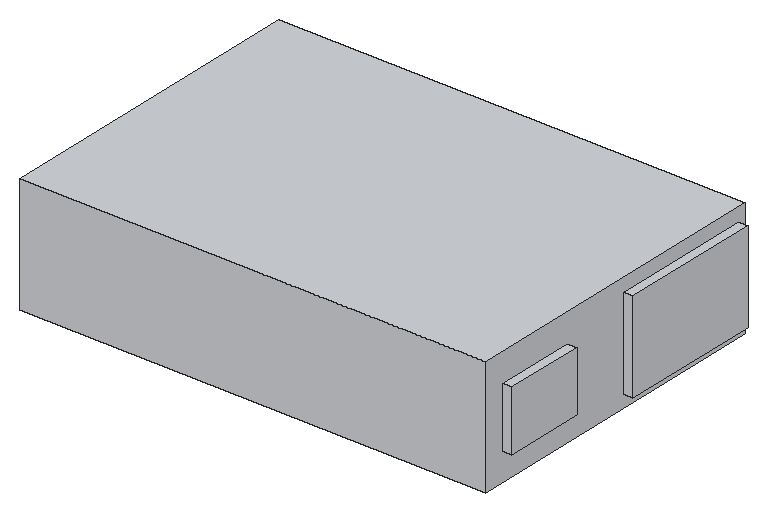
Revit family "DV 2500", category Mechanical Equipment, Revit 2013
Parameters
  Width mm = 2300 mm
  Warranty = "1 Year"
  Voltage Supply      Single Phase = "400v ac"
  Versatile positioning ,floor and ceiling susupended options = "Yes"
  Summer/Winter by-pass = "Yes"
  Summer By-pass = "Automatic 100%"
  Safety cut off switch Pressure sensors for filter monitoring = "Yes"
  Pre Heater = "option"
  Part number = "9041521"
  Model = "MULTI DV2500"
  Meets Building regulations Pat L2A and L2B = "Yes"
  Max Air Volume  m3/hr = "3400"
  Lockable doors = "Yes"
  Interchangeable spigot connections = "Yes"
  Humidity control (optional) = "Yes"
  Height mm = 1600 mm
  Heat Recovery = "<95%"
  Heat Exchanger = "Cross Counterflow"
  Frequency = "50Hz"
  Filter maintenance reminder = "Yes"
  Electronic control panel with LCD display = "Yes"
  EC motor for fine speed control and low SFP = "Yes"
  Duct Connections = "4x300x400mm"
  Double skinned insulated casing avoids thermal bridging = "Yes\r\n."
  Dimension L [instance] = 2300 mm
  Dimension H [instance] = 1600 mm
  Dimension B [instance] = 580 mm
  Depth mm = 580 mm
  Control Standard = "BMS/Internet"
  Control Optional. = "Co2"
  Control Optional .. = "Temperature"
  Control Optional = "Humidity"
  Carbon dioxide control (optional) = "Yes"
  Balanced supply and extract air ventilation with heat recovery = "Yes"
  BREEAM applicable = "Yes"
  Anti frost protection = "option"
  Air Filters = "M5 and F11"
  After Heater = "option"
  10 speed digital control and BMS and Internet control = "Yes"
Reference planes
  plane 1 "Center (Front/Back)": y = 0
  plane 2: z = 0
  plane 3 "Center (Left/Right)": x = 0
  plane 4: x = -1150
  plane 5: x = 1150
  plane 6: y = 800
  plane 7: y = -800
  plane 8: z = 580
  plane 9: z = 290
  plane 10: x = 350.5
  plane 11: x = 553
  plane 12: x = 148
  plane 13: z = 442.5
  plane 14: z = 137.5
  plane 15: y = 900
  plane 16: x = 975
  plane 17: x = -975
  plane 18: x = 1100
  plane 19: x = 850
  plane 20: z = 467.5
  plane 21: z = 112.5
  plane 22: z = 490
  plane 23: z = 90
  plane 24: x = -825
  plane 25: x = -1125
  plane 26: y = 400
  plane 27: y = -425
  plane 28: y = 755
  plane 29: y = 45
  plane 30: y = -625
  plane 31: z = 515
  plane 32: z = 65
  plane 33: z = 440
  plane 34: z = 140
  plane 35: z = 290
  plane 36: y = -700
  plane 37: y = -300
  plane 38: y = -300
  plane 39: y = -700
Forms (mm)
  Extrusion 1, solid
    sketch origin (0, 0, 0) x (1, 0, 0) y (0, 1, 0)
      loop
        line (-1150, 800) -> (-1150, -800) -> (1150, -800) -> (1150, 800) -> (-1150, 800)
    from 0 to 580 <- "Dimension B"
  Extrusion 2, solid
    sketch origin (-3129.117, 800, 1200) x (-1, 0, 0) y (0, 0, 1)
      loop
        line (-2959.117, -757.5) -> (-2959.117, -1062.5) -> (-2554.117, -1062.5) -> (-2554.117, -757.5) -> (-2959.117, -757.5)
    from 0 to 100
  Extrusion 3, solid
    sketch origin (1150, -2075, 1200) x (0, -1, 0) y (0, 0, 1)
      loop
        line (-1775, -760) -> (-1775, -1060) -> (-1375, -1060) -> (-1375, -760) -> (-1775, -760)
    from -50 to 0
  Extrusion 4, solid
    sketch origin (1150, -2005, 1200) x (0, -1, 0) y (0, 0, 1)
      loop
        line (-2760, -685) -> (-2760, -1135) -> (-2050, -1135) -> (-2050, -685) -> (-2760, -685)
    from -50 to 0
  Extrusion 5, solid
    sketch origin (-1150, -2000, 1200) x (0, -1, 0) y (0, 0, -1)
      loop
        line (-1700, 770) -> (-1300, 770) -> (-1300, 1070) -> (-1700, 1070) -> (-1700, 770)
    from -50 to 0
  Extrusion 6, solid
    sketch origin (-1150, -2005, 1200) x (0, -1, 0) y (0, 0, -1)
      loop
        line (-2760, 710) -> (-2050, 710) -> (-2050, 1160) -> (-2760, 1160) -> (-2760, 710)
    from -50 to 0
  Extrusion 7, solid
    sketch origin (-3124.117, 900, 1190) x (-1, 0, 0) y (0, 0, 1)
      loop
        line (-2786.717, -849.673) -> (-2786.717, -999.673) -> (-2726.717, -999.673) -> (-2726.717, -849.673) -> (-2786.717, -849.673)
    from 0 to 50
Dimensions and locks
  equal spacing: plane 6, plane 1 "Center (Front/Back)", plane 7
  "Dimension H": plane 6 to plane 7
  equal spacing: plane 4, plane 3 "Center (Left/Right)", plane 5
  "Dimension L": plane 4 to plane 5
  "Dimension B": plane 8 to plane 2
  equal spacing: plane 8, plane 9, plane 2, locked at 290 each
  equal spacing: plane 11, plane 10, plane 12, locked at 202.5 each
  plane 11 to plane 12 = 405 mm
  plane 15 to plane 6 = 100 mm
  equal spacing: plane 18, plane 16, plane 19, locked at 125 each
  plane 18 to plane 19 = 250 mm
  equal spacing: plane 14, plane 9, plane 13, locked at 152.5 each
  plane 14 to plane 13 = 305 mm
  plane 5 to plane 10 = 799.5 mm
  plane 4 to Extrusion 2 = 575 mm
  plane 6 to plane 26 = 400 mm
  plane 6 to plane 28 = 45 mm
  plane 7 to plane 36 = 100 mm
  Extrusion 1 to Extrusion 4 sketch curve = 45 mm
  plane 28 to plane 29 = 710 mm  (x2)
  plane 37 to plane 36 = 400 mm
  plane 7 to Extrusion 5 = 100 mm
  plane 39 to plane 38 = 400 mm
  Extrusion 2 to Extrusion 2 = 405 mm
Automatic sketch dimensions
  Extrusion 1 sketch curve to plane 4 = 0 mm
  Extrusion 1 sketch curve to plane 5 = 0 mm
  Extrusion 1 sketch curve to plane 7 = 0 mm
  Extrusion 1 sketch curve to plane 6 = 0 mm
  Extrusion 2 sketch curve to plane 11 = 723 mm
  Extrusion 2 sketch curve to plane 12 = 723 mm
  Extrusion 2 sketch curve to plane 14 = 0 mm
  Extrusion 2 sketch curve to plane 13 = 0 mm
  Extrusion 3 sketch curve to plane 30 = 75 mm
  Extrusion 3 sketch curve to plane 34 = 0 mm
  Extrusion 3 sketch curve to plane 33 = 0 mm
  plane 29 to Extrusion 4 sketch curve = 0 mm
  Extrusion 4 sketch curve to plane 32 = 0 mm
  Extrusion 4 sketch curve to plane 31 = 0 mm
  Extrusion 5 sketch curve to plane 33 = 10 mm
  Extrusion 6 sketch curve to plane 31 = 25 mm
  Extrusion 5 sketch curve to plane 36 = 0 mm
  Extrusion 5 sketch curve to plane 14 = 7.5 mm
  plane 29 to Extrusion 6 sketch curve = 0 mm
  Extrusion 6 sketch curve to plane 32 = 25 mm
  plane 28 to Extrusion 6 sketch curve = 0 mm
  plane 27 to Extrusion 3 sketch curve = 125 mm
  plane 27 to Extrusion 5 sketch curve = 125 mm
  Extrusion 7 sketch curve to Extrusion 2 = 52.827 mm
  Extrusion 7 sketch curve to Extrusion 2 = 167.4 mm
  Extrusion 7 sketch curve to Extrusion 2 = 102.173 mm
  Extrusion 7 sketch curve to Extrusion 7 sketch curve = 60 mm
Connectors
  hvac at (1200, 400, 290)
    settings: on Extrusion 4, index 1, duct flow 0.0 L/s, flow factor 0, pres drop 0.0 Pa, loss coef 0, conn angle 0.00°, conn width 710 mm, conn height 450 mm, conn radius 304.8 mm, duct sys type 1, conn prof type 1, flow config 0, flow direction 2, loss method 0, conn ref index -1, conn util no, is conn primary yes, conn desc ""
  hvac at (1200, -500, 290)
    settings: on Extrusion 3, index 2, duct flow 0.0 L/s, flow factor 0, pres drop 0.0 Pa, loss coef 0, conn angle 0.00°, conn width 400 mm, conn height 300 mm, conn radius 304.8 mm, duct sys type 2, conn prof type 1, flow config 0, flow direction 1, loss method 0, conn ref index -1, conn util no, is conn primary no, conn desc ""
  hvac at (-1200, -500, 280)
    settings: on Extrusion 5, index 3, duct flow 0.0 L/s, flow factor 0, pres drop 0.0 Pa, loss coef 0, conn angle 0.00°, conn width 400 mm, conn height 300 mm, conn radius 304.8 mm, duct sys type 1, conn prof type 1, flow config 0, flow direction 0, loss method 0, conn ref index -1, conn util no, is conn primary no, conn desc ""
  hvac at (-1200, 400, 265)
    settings: on Extrusion 6, index 4, duct flow 0.0 L/s, flow factor 0, pres drop 0.0 Pa, loss coef 0, conn angle 0.00°, conn width 710 mm, conn height 450 mm, conn radius 304.8 mm, duct sys type 2, conn prof type 1, flow config 0, flow direction 2, loss method 0, conn ref index -1, conn util no, is conn primary no, conn desc ""
